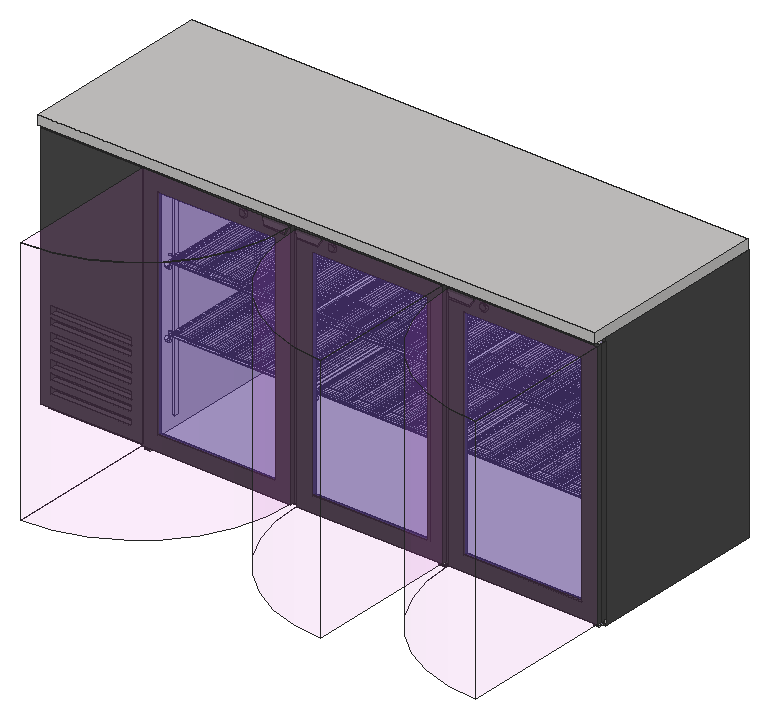
Revit family "QF_True_TBB24-72-3G-Z1-SFT-B-1_Glass_Swing_Door_Back_Bar", category Specialty Equipment, Revit 2021
Family settings
  Round Connector Dimension = Use Diameter
  Part Type = Normal
  Work Plane-Based = No
  Always vertical = Yes
  Cut with Voids When Loaded = No
  Shared = No
  Room Calculation Point = No
Parameters
  Weight in Pounds = 415
  Watts = Volts * FL Amps  # 368 W
  Volts = 115 V
  URL Cutsheet = ""
  Specification by User = ""
  Specification by Manufacturer = ""
  Show Seismic Flanged [instance] = yes
  Show Door Clearance [instance] = yes
  Show Default [instance] = if(or([Show 2" Casters], [Show 3" Casters]), or(or([Show 4" Casters], [Show 5" Casters], [Show 6" Legs]), and([Show 2" Casters], [Show 3" Casters]), and([Show 3" Casters], Show Seismic Flanged)), if(or([Show 4" Casters], [Show 5" Casters]), or(or([Show 6" Legs], Show Seismic Flanged), and([Show 4" Casters], [Show 5" Casters])), if([Show 6" Legs], Show Seismic Flanged, not(Show Seismic Flanged))))  # yes
  Show 6" Legs [instance] = yes
  Show 5" Casters [instance] = yes
  Show 4" Casters [instance] = yes
  Show 3" Casters [instance] = yes
  Show 2" Casters [instance] = yes
  Serial Number = ""
  Seismic Rating = ""
  SMACNA No = ""
  Revision Code = ""
  Phase = 1
  Number of Poles = 1
  NAFEM Spec ID Number = ""
  Model = "TBB24-72-3G-Z1-SFT-B-1"
  Min Ckt Ampacity = 0 A
  Max Overcurrent Protection = 0 A
  Masterspec = ""
  Manufacturer = "True"
  Length = 72 1/32"
  Item Number = ""
  Installed By = ""
  Identify Quantity as Lot = yes
  Height [instance] = Base Height + Body Height  # 34 23/32"
  HP = "1/4"
  Furnished By = ""
  Foodservice Equipment Identifier = yes
  FL Amps = 3.2 A
  Electrical Remarks = ""
  Electric Connection Type = ""
  Elec Conn RI Height = 0"
  Elec Conn Connection Height = 0"
  Door Finish [instance] = QF_Metallic_Paint_Black_Smooth
  Description = "Glass Swing Door Back Bar 24\" Depth Single Zone Cooler with Stainless Finished Top and Black Exterior"
  Depth = 25 11/32"
  Default Elevation = 0"
  Cycle = 60 Hz
  Counter Top Finish [instance] = QF_Metal_Stainless_Polished
  Conn Plug = "NEMA 5-15P"
  Conn Conduit = yes
  CSI MasterFormat = ""
  Body Height [instance] = 34 23/32"
  Body Finish [instance] = QF_Plastic - Black - Smooth
  Base Height [instance] = if(Show Default, 0", if([Show 2" Casters], 2", if([Show 3" Casters], 3", if([Show 4" Casters], 4", if([Show 5" Casters], 5", if([Show 6" Legs], 6", if(Show Seismic Flanged, 6", 0")))))))  # 0"
  Apparent Power = 0 VA
Reference planes (in)
  plane 1 "BACK": y = 0
  plane 2: z = 0
  plane 3 "LEFT": x = 0
  plane 4 "RIGHT": x = 72.03125
  plane 5 "FRONT": y = -25.34375
  plane 6 "TOP": z = 34.71875
  plane 7 "Center Y": x = 36.01563
  plane 8 "Center X": y = -12.67188
  plane 9: z = 0
Dimensions and locks (in)
  equal spacing: plane 3 "LEFT", plane 7 "Center Y", plane 4 "RIGHT"
  "Length": plane 3 "LEFT" to plane 4 "RIGHT"
  equal spacing: plane 5 "FRONT", plane 8 "Center X", plane 1 "BACK"
  "Depth": plane 5 "FRONT" to plane 1 "BACK"
  plane 6 "TOP" to level = 34 23/32"
  "Base Height": plane 9 to level
  "Body Height": plane 6 "TOP" to plane 9
  aligned and locked: level to plane 2
  aligned and locked: nested 1 to plane 9
Nested families (in)
  nested 1: "TBB24-72-3G-Z1-BST-B-1" at (0, 0, 0), Show Door Clearance <- "Show Door Clearance", Body Finish <- "Body Finish", Counter Top Finishes <- "Counter Top Finish", Door Finish <- "Door Finish", type "TBB24-72-3G-Z1-BST-B-1"
    with Show Door Clearance yes, Door Finish QF_Metallic_Paint_Black_Smooth, Counter Top Finishes QF_Metal_Stainless_Polished, Body Finish QF_Plastic - Black - Smooth
  nested 2: "Family3" at (2.5, -20.84523, 0), Show 2" Casters <- "Show 2" Casters", Show 3" Casters <- "Show 3" Casters", Show 4" Casters <- "Show 4" Casters", Show 5" Casters <- "Show 5" Casters", Show 6" Legs <- "Show 6" Legs", Show Seismic Flanged <- "Show Seismic Flanged", type "Family3"
    with Show Seismic Flanged yes, Show 6" Legs yes, Show 5" Casters yes, Show 4" Casters yes, Show 3" Casters yes, Show 2" Casters yes
  nested 3: "Family3" at (69.53125, -20.84523, 0), Show 2" Casters <- "Show 2" Casters", Show 3" Casters <- "Show 3" Casters", Show 4" Casters <- "Show 4" Casters", Show 5" Casters <- "Show 5" Casters", Show 6" Legs <- "Show 6" Legs", Show Seismic Flanged <- "Show Seismic Flanged", type "Family3"
    with Show Seismic Flanged yes, Show 6" Legs yes, Show 5" Casters yes, Show 4" Casters yes, Show 3" Casters yes, Show 2" Casters yes
  nested 4: "Family3" at (2.5, -3.09523, 0), Show 2" Casters <- "Show 2" Casters", Show 3" Casters <- "Show 3" Casters", Show 4" Casters <- "Show 4" Casters", Show 5" Casters <- "Show 5" Casters", Show 6" Legs <- "Show 6" Legs", Show Seismic Flanged <- "Show Seismic Flanged", type "Family3"
    with Show Seismic Flanged yes, Show 6" Legs yes, Show 5" Casters yes, Show 4" Casters yes, Show 3" Casters yes, Show 2" Casters yes
  nested 5: "Family3" at (69.53125, -3.09523, 0), Show 2" Casters <- "Show 2" Casters", Show 3" Casters <- "Show 3" Casters", Show 4" Casters <- "Show 4" Casters", Show 5" Casters <- "Show 5" Casters", Show 6" Legs <- "Show 6" Legs", Show Seismic Flanged <- "Show Seismic Flanged", type "Family3"
    with Show Seismic Flanged yes, Show 6" Legs yes, Show 5" Casters yes, Show 4" Casters yes, Show 3" Casters yes, Show 2" Casters yes
Connectors (in)
  electrical at (5.92159, 0.23047, 18.89834), driven by "Volts", driven by "Watts"
    settings: on nested 1, index 1, voltage 115 V, apparent load 368 VA, apparent load phase1 0 VA, apparent load phase2 0 VA, apparent load phase3 0 VA, power factor 1, load classification "Other", number of poles 1, system type 30, power factor state 1, is connector primary yes, connector utility no, sub classification motor no, connector description "ELECTRICAL CONNECTION"
Definition of nested family "TBB24-72-3G-Z1-BST-B-1"
  Parameters (values of type "TBB24-72-3G-Z1-BST-B-1")
    Weight in Pounds = 0
    URL Cutsheet = ""
    Specification by User = ""
    Specification by Manufacturer = ""
    Show Door Clearance [instance] = yes
    Serial Number = ""
    Seismic Rating = ""
    SMACNA No = ""
    Revision Code = ""
    NAFEM Spec ID Number = ""
    Masterspec = ""
    Length = 72 1/32"
    Item Number = ""
    Installed By = ""
    Identify Quantity as Lot = yes
    Height = 34 23/32"
    Furnished By = ""
    Foodservice Equipment Identifier = yes
    Door Finish [instance] = none
    Depth = 25 11/32"
    Default Elevation = 0"
    Counter Top Finishes [instance] = none
    CSI MasterFormat = ""
    Body Finish [instance] = none
  Reference planes (in)
    plane 1 "BACK": y = 0
    plane 2: z = 0
    plane 3 "LEFT": x = 0
    plane 4 "RIGHT": x = 72.03125
    plane 5 "FRONT": y = -25.34375
    plane 6 "TOP": z = 34.71875
    plane 7 "Center Y": x = 36.01563
    plane 8 "Center X": y = -12.67188
    plane 9: y = -44.09375
    plane 10: y = -24.875
    plane 11: z = 0.28263
    plane 12: x = 13.15625
    plane 13: x = 52.40625
    plane 14: y = -21.84523
    plane 15: y = -21.84523
    plane 16: y = -21.84523
    plane 17: y = -21.84523
    plane 18: y = -21.84523
    plane 19: y = -21.84523
    plane 20: y = -21.84523
    plane 21: y = -21.84523
    plane 22: y = -21.84523
    plane 23: y = -21.84523
    plane 24: y = -21.84523
    plane 25: y = -21.84523
    plane 26: y = -21.84523
    plane 27: y = -21.84523
    plane 28: y = -21.84523
    plane 29: y = -21.84523
    plane 30: y = -21.84523
    plane 31: y = -21.84523
    plane 32: y = -21.84523
    plane 33: y = -21.84523
    plane 34: y = -21.84523
    plane 35: y = -21.84523
    plane 36: y = -21.84523
    plane 37: y = -21.84523
    plane 38: y = -21.84523
    plane 39: y = -21.84523
    plane 40: y = -21.84523
    plane 41: y = -21.84523
    plane 42: y = -21.84523
    plane 43: y = -21.84523
    plane 44: y = -21.84523
    plane 45: y = -21.84523
    plane 46: y = -21.84523
    plane 47: y = -21.84523
    plane 48: y = -21.84523
    plane 49: y = -21.84523
    plane 50: y = -21.84523
    plane 51: y = -21.84523
    plane 52: y = -21.84523
    plane 53: y = -21.84523
    plane 54: y = -21.84523
    plane 55: y = -21.84523
    plane 56: y = -21.84523
    plane 57: y = -21.84523
    plane 58: y = -21.84523
    plane 59: y = -21.84523
    plane 60: y = -21.84523
    plane 61: y = -21.84523
    plane 62: y = -21.84523
    plane 63: y = -21.84523
    plane 64: y = -24.3696
  Forms (in)
    Extrusion 1, solid, material <- "Counter Top Finishes"
      sketch origin (0, 0, 0) x (1, 0, 0) y (0, 0, 1)
        loop
          line (0, 34.71875) -> (0, 33.46875) -> (72.03125, 33.46875) -> (72.03125, 34.71875) -> (0, 34.71875)
      from 0 to 24.875
    Extrusion 2, solid, material <- "Body Finish"
      sketch origin (0, 0, 0) x (0, 1, 0) y (0, 0, 1)
        loop
          line (0, 33.46875) -> (-23.09422, 33.46875) -> (-23.09422, 0) -> (0, 0) -> (0, 33.46875)
      from 0 to 72.03125
    Extrusion 3, solid, material <- "Body Finish"
      sketch origin (0, -23.09422, 33.46875) x (0, 0, -1) y (1, 0, 0)
        loop
          line (0.5625, 0) -> (32.48883, 0) -> (32.48883, 13.15625) -> (0.5625, 13.15625) -> (0.5625, 0)
      from 0 to 1.27538
    Extrusion 4, void
      sketch origin (0, -24.3696, 33.46875) x (0, 0, 1) y (1, 0, 0)
        loop
          line (-20.59422, 1.27626) -> (-20.59422, 11.8296) -> (-21.59422, 11.8296) -> (-21.59422, 1.27626) -> (-20.59422, 1.27626)
        loop
          line (-22.0483, 1.27626) -> (-22.0483, 11.8296) -> (-22.87544, 11.8296) -> (-22.87544, 1.27626) -> (-22.0483, 1.27626)
        loop
          line (-23.71922, 1.27626) -> (-23.71922, 11.8296) -> (-24.71922, 11.8296) -> (-24.71922, 1.27626) -> (-23.71922, 1.27626)
        loop
          line (-25.2983, 1.27626) -> (-25.2983, 11.8296) -> (-26.12544, 11.8296) -> (-26.12544, 1.27626) -> (-25.2983, 1.27626)
        loop
          line (-26.84422, 1.27626) -> (-26.84422, 11.8296) -> (-27.84422, 11.8296) -> (-27.84422, 1.27626) -> (-26.84422, 1.27626)
        loop
          line (-28.4233, 1.27626) -> (-28.4233, 11.8296) -> (-29.25044, 11.8296) -> (-29.25044, 1.27626) -> (-28.4233, 1.27626)
        loop
          line (-30.0483, 1.27626) -> (-30.0483, 11.8296) -> (-30.87544, 11.8296) -> (-30.87544, 1.27626) -> (-30.0483, 1.27626)
      from 0 to 0.83594
    Extrusion 5, solid, material <- "Body Finish"
      sketch origin (0, 0, 0) x (0, 0, 1) y (1, 0, 0)
        loop
          arc (20.62838, 11.27264) -> (20.40871, 11.80298) -> (19.87838, 12.02264) r 0.75
          line (19.87838, 12.02264) -> (1.3125, 12.02264)
          arc (1.3125, 12.02264) -> (0.78217, 11.80298) -> (0.5625, 11.27264) r 0.75
          line (0.5625, 11.27264) -> (0.5625, 0.75)
          arc (0.5625, 0.75) -> (0.78217, 0.21967) -> (1.3125, 0) r 0.75
          line (1.3125, 0) -> (19.87838, 0)
          arc (19.87838, 0) -> (20.40871, 0.21967) -> (20.62838, 0.75) r 0.75
          line (20.62838, 0.75) -> (20.62838, 5.19897) -> (21.06934, 5.19897)
          arc (21.06934, 5.19897) -> (21.81934, 5.94897) -> (21.06934, 6.69897) r 0.75
          line (21.06934, 6.69897) -> (20.62838, 6.69897) -> (20.62838, 11.27264)
      from 0 to 0.03125
    Extrusion 6, solid, material <- "Body Finish"
      sketch origin (0, 0.03125, 0) x (0, 0, 1) y (1, 0, 0)
        loop
          line (21.56934, 5.94897) -> (21.31934, 6.38198) -> (20.81934, 6.38198) -> (20.56934, 5.94897) -> (20.81934, 5.51596) -> (21.31934, 5.51596) -> (21.56934, 5.94897)
      from 0 to 0.19922
    Extrusion 7, solid, material <- "Body Finish"
      sketch origin (0, 0.03125, 0) x (0, 0, 1) y (1, 0, 0)
        loop
          circle (18.89834, 5.92159) r 0.5
      from 0 to 0.19922
    Extrusion 8, solid, material <- "Door Finish"
      sketch origin (0.80334, -23.09422, 33.46875) x (0, 0, -1) y (1, 0, 0)
        loop
          line (0.5625, 12.35291) -> (32.78125, 12.35291) -> (32.78125, 31.97791) -> (0.5625, 31.97791) -> (0.5625, 12.35291)
        loop
          line (31.78125, 13.35291) -> (31.78125, 30.97791) -> (1.5625, 30.97791) -> (1.5625, 13.35291) -> (31.78125, 13.35291)
      from 0 to 0.80663
    Extrusion 9, solid, material <- "Door Finish"
      sketch origin (40.05334, -23.09422, 33.46875) x (0, 0, -1) y (1, 0, 0)
        loop
          line (0.5625, 12.35496) -> (32.78125, 12.35496) -> (32.78125, 31.97791) -> (0.5625, 31.97791) -> (0.5625, 12.35496)
        loop
          line (31.78125, 13.79041) -> (31.78125, 30.97791) -> (1.5625, 30.97791) -> (1.5625, 13.79041) -> (31.78125, 13.79041)
      from 0 to 0.80663
    Extrusion 10, void
      sketch origin (0, -23.09422, 1.53125) x (1, 0, 0) y (0, -1, 0)
        loop
          line (14.13672, -18.75) -> (70.51172, -18.75) -> (70.51172, 0) -> (14.13672, 0) -> (14.13672, -18.75)
      from 0 to -30.84375
    Extrusion 11, solid, material <- "Door Finish"
      sketch origin (0.80334, -23.90085, 33.46875) x (0, 0, -1) y (1, 0, 0)
        loop
          line (0.5625, 12.35291) -> (32.78125, 12.35291) -> (32.78125, 31.60291) -> (0.5625, 31.60291) -> (0.5625, 12.35291)
        loop
          line (2.5625, 29.60291) -> (2.5625, 14.35291) -> (30.78125, 14.35291) -> (30.78125, 29.60291) -> (2.5625, 29.60291)
      from 0 to 0.46875
    Blend 12, solid, material <- "Door Finish"
      base sketch origin (0.80334, -24.3696, 33.46875) x (0, 0, -1) y (1, 0, 0)
        loop
          circle (1.15564, 25.41355) r 0.5
      top sketch origin (0.80334, -24.3696, 33.46875) x (0, 0, -1) y (1, 0, 0)
        loop
          circle (1.15564, 25.41355) r 0.39938
      from 0 to 0.12886
    Blend 13, solid, material <- "Door Finish"
      base sketch origin (83.50916, -24.3696, 33.46875) x (0, 0, -1) y (1, 0, 0)
        loop
          circle (1.15564, -26.16355) r 0.5
      top sketch origin (83.50916, -24.3696, 33.46875) x (0, 0, -1) y (1, 0, 0)
        loop
          circle (1.15564, -26.16355) r 0.39938
      from 0 to 0.12886
    Extrusion 14, solid
      sketch origin (-1.45011, -180, 0.28263) x (-1, 0, 0) y (0, -1, 0)
        loop
          line (-14.60636, -156.90578) -> (-14.60636, -156.03078)
          arc (-14.60636, -156.03078) -> (-14.64297, -155.9424) -> (-14.73136, -155.90578) r 0.125
          line (-14.73136, -155.90578) -> (-15.30008, -155.90578)
          arc (-15.30008, -155.90578) -> (-15.37178, -155.92839) -> (-15.41755, -155.98803) r 0.125
          line (-15.41755, -155.98803) -> (-15.69052, -156.73803)
          arc (-15.69052, -156.73803) -> (-15.67546, -156.85248) -> (-15.57306, -156.90578) r 0.125
          line (-15.57306, -156.90578) -> (-14.60636, -156.90578)
        loop
          line (-53.52038, -156.90578) -> (-52.55368, -156.90578)
          arc (-52.55368, -156.90578) -> (-52.45129, -156.85248) -> (-52.43622, -156.73803) r 0.125
          line (-52.43622, -156.73803) -> (-52.7092, -155.98803)
          arc (-52.7092, -155.98803) -> (-52.75496, -155.92839) -> (-52.82666, -155.90578) r 0.125
          line (-52.82666, -155.90578) -> (-53.39538, -155.90578)
          arc (-53.39538, -155.90578) -> (-53.48377, -155.9424) -> (-53.52038, -156.03078) r 0.125
          line (-53.52038, -156.03078) -> (-53.52038, -156.90578)
        loop
          line (-73.48136, -156.90578) -> (-72.51466, -156.90578)
          arc (-72.51466, -156.90578) -> (-72.41226, -156.85248) -> (-72.3972, -156.73803) r 0.125
          line (-72.3972, -156.73803) -> (-72.67017, -155.98803)
          arc (-72.67017, -155.98803) -> (-72.71594, -155.92839) -> (-72.78764, -155.90578) r 0.125
          line (-72.78764, -155.90578) -> (-73.35636, -155.90578)
          arc (-73.35636, -155.90578) -> (-73.44475, -155.9424) -> (-73.48136, -156.03078) r 0.125
          line (-73.48136, -156.03078) -> (-73.48136, -156.90578)
      from 0 to 0.07705
    Extrusion 15, solid
      sketch origin (0, -23.09422, 33.46875) x (0, 0, -1) y (1, 0, 0)
        loop
          line (33.18612, 13.15625) -> (33.18612, 14.24795) -> (32.78125, 14.24795) -> (32.78125, 13.15625) -> (33.18612, 13.15625)
        loop
          line (33.18612, 51.31455) -> (33.18612, 52.40625) -> (32.78125, 52.40625) -> (32.78125, 51.31455) -> (33.18612, 51.31455)
        loop
          line (33.18612, 70.93955) -> (33.18612, 72.03125) -> (32.78125, 72.03125) -> (32.78125, 70.93955) -> (33.18612, 70.93955)
      from 0 to 0.03214
    Extrusion 16, solid
      sketch origin (-1.45011, -180, 0.35968) x (-1, 0, 0) y (0, -1, 0)
        loop
          circle (-15.01572, -156.38971) r 0.25
        loop
          circle (-53.11102, -156.38971) r 0.25
        loop
          circle (-73.04647, -156.38971) r 0.25
      from 0 to 0.32782
    Extrusion 17, solid
      sketch origin (71.71875, 0, 33.46875) x (0, 1, 0) y (1, 0, 0)
        loop
          circle (-23.61029, -58.15314) r 0.25
        loop
          circle (-23.61029, -20.05784) r 0.25
        loop
          circle (-23.61029, -0.12239) r 0.25
      from 0 to 0.5625
    Extrusion 18, solid
      sketch origin (14.15625, -5.34422, 1.71962) x (0, 1, 0) y (0, 0, 1)
        loop
          line (-15.50101, 28.99913) -> (-15.50101, 1.46788) -> (-15.00101, 1.46788) -> (-15.00101, 28.99913) -> (-15.50101, 28.99913)
        loop
          line (-2.25101, 28.99913) -> (-2.25101, 1.46788) -> (-1.75101, 1.46788) -> (-1.75101, 28.99913) -> (-2.25101, 28.99913)
      from 0 to 0.38124
    Extrusion 19, solid
      sketch origin (14.15625, -4.34422, 1.71962) x (1, 0, 0) y (0, 0, 1)
        loop
          line (17.3189, 28.99913) -> (17.3189, 1.46788) -> (17.8189, 1.46788) -> (17.8189, 28.99913) -> (17.3189, 28.99913)
        loop
          line (1.3189, 28.99913) -> (1.3189, 1.46788) -> (1.8189, 1.46788) -> (1.8189, 28.99913) -> (1.3189, 28.99913)
        loop
          line (36.48437, 28.99913) -> (36.48437, 1.46788) -> (36.98437, 1.46788) -> (36.98437, 28.99913) -> (36.48437, 28.99913)
        loop
          line (19.9311, 28.99913) -> (19.4311, 28.99913) -> (19.4311, 1.46788) -> (19.9311, 1.46788) -> (19.9311, 28.99913)
        loop
          line (40.01563, 28.99913) -> (39.51563, 28.99913) -> (39.51563, 1.46788) -> (40.01563, 1.46788) -> (40.01563, 28.99913)
        loop
          line (55.01563, 28.99913) -> (54.51563, 28.99913) -> (54.51563, 1.46788) -> (55.01563, 1.46788) -> (55.01563, 28.99913)
      from 0 to 0.38281
    Sweep 20, solid
      path origin (-5.14658, -182.67731, 21.66353) x (-1, 0, 0) y (0, -1, 0)
        loop
          line (-19.93408, -160.83208) -> (-37.27783, -160.83208)
          arc (-37.27783, -160.83208) -> (-37.63138, -160.97853) -> (-37.77783, -161.33208) r 0.5
          line (-37.77783, -161.33208) -> (-37.77783, -177.20028)
          arc (-37.77783, -177.20028) -> (-37.63138, -177.55383) -> (-37.27783, -177.70028) r 0.5
          line (-37.27783, -177.70028) -> (-20.43408, -177.70028)
          arc (-20.43408, -177.70028) -> (-20.08052, -177.55383) -> (-19.93408, -177.20028) r 0.5
          line (-19.93408, -177.20028) -> (-19.93408, -160.33208)
          arc (-19.93408, -160.33208) -> (-20.08052, -159.97853) -> (-20.43408, -159.83208) r 0.5
          line (-20.43408, -159.83208) -> (-20.68408, -159.83208)
      profile origin (14.7875, -13.91113, 21.66353) x (1, 0, 0) y (0, 0, 1)
        loop
          circle (0, -0.10817) r 0.14183
    Extrusion 21, solid
      sketch origin (14.15625, -20.84523, 3.1875) x (0, 0, 1) y (-1, 0, 0)
        loop
          line (18.75728, -0.82407) -> (18.75728, -0.38124) -> (18.17613, -0.38124) -> (18.61896, -0.82407) -> (18.75728, -0.82407)
        loop
          line (18.75728, -55.5314) -> (18.61896, -55.5314) -> (18.17613, -55.97423) -> (18.75728, -55.97423) -> (18.75728, -55.5314)
      from 0 to -0.5
    Extrusion 22, solid
      sketch origin (14.15625, -7.59523, 3.1875) x (0, 0, 1) y (-1, 0, 0)
        loop
          line (18.75728, -0.82407) -> (18.75728, -0.38124) -> (18.17613, -0.38124) -> (18.61896, -0.82407) -> (18.75728, -0.82407)
        loop
          line (18.75728, -55.5314) -> (18.61896, -55.5314) -> (18.17613, -55.97423) -> (18.75728, -55.97423) -> (18.75728, -55.5314)
      from 0 to -0.5
    Extrusion 23, solid
      sketch origin (31.47515, -4.34422, 3.1875) x (0, 0, 1) y (0, 1, 0)
        loop
          line (18.75728, -0.82564) -> (18.75728, -0.38281) -> (18.17613, -0.38281) -> (18.61896, -0.82564) -> (18.75728, -0.82564)
      from 0 to -0.5
    Extrusion 24, solid
      sketch origin (15.47515, -4.34422, 3.1875) x (0, 0, 1) y (0, 1, 0)
        loop
          line (18.75728, -0.82564) -> (18.75728, -0.38281) -> (18.17613, -0.38281) -> (18.61896, -0.82564) -> (18.75728, -0.82564)
      from 0 to -0.5
    Extrusion 25, solid
      sketch origin (69.17188, -4.34422, 29.12947) x (0, 0, 1) y (0, -1, 0)
        loop
          line (-7.18469, 0.82564) -> (-7.32301, 0.82564) -> (-7.76583, 0.38281) -> (-7.18469, 0.38281) -> (-7.18469, 0.82564)
      from 0 to -0.5
    Extrusion 26, solid
      sketch origin (54.17188, -4.34422, 29.12947) x (0, 0, 1) y (0, -1, 0)
        loop
          line (-7.18469, 0.82564) -> (-7.32301, 0.82564) -> (-7.76583, 0.38281) -> (-7.18469, 0.38281) -> (-7.18469, 0.82564)
      from 0 to -0.5
    Extrusion 27, solid
      sketch origin (14.15625, -20.84523, -5.3125) x (0, 0, 1) y (-1, 0, 0)
        loop
          line (18.22603, -0.82407) -> (18.22603, -0.38124) -> (17.64488, -0.38124) -> (18.08771, -0.82407) -> (18.22603, -0.82407)
        loop
          line (18.22603, -55.5314) -> (18.08771, -55.5314) -> (17.64488, -55.97423) -> (18.22603, -55.97423) -> (18.22603, -55.5314)
      from 0 to -0.5
    Extrusion 28, solid
      sketch origin (14.15625, -7.59523, -5.3125) x (0, 0, 1) y (-1, 0, 0)
        loop
          line (18.22603, -0.82407) -> (18.22603, -0.38124) -> (17.64488, -0.38124) -> (18.08771, -0.82407) -> (18.22603, -0.82407)
        loop
          line (18.22603, -55.5314) -> (18.08771, -55.5314) -> (17.64488, -55.97423) -> (18.22603, -55.97423) -> (18.22603, -55.5314)
      from 0 to -0.5
    Extrusion 29, solid
      sketch origin (31.47515, -4.34422, -5.3125) x (0, 0, 1) y (0, 1, 0)
        loop
          line (18.22603, -0.82564) -> (18.22603, -0.38281) -> (17.64488, -0.38281) -> (18.08771, -0.82564) -> (18.22603, -0.82564)
      from 0 to -0.5
    Extrusion 30, solid
      sketch origin (15.47515, -4.34422, -5.3125) x (0, 0, 1) y (0, 1, 0)
        loop
          line (18.22603, -0.82564) -> (18.22603, -0.38281) -> (17.64488, -0.38281) -> (18.08771, -0.82564) -> (18.22603, -0.82564)
      from 0 to -0.5
    Extrusion 31, solid
      sketch origin (69.17188, -4.34422, 20.62947) x (0, 0, 1) y (0, -1, 0)
        loop
          line (-7.71594, 0.82564) -> (-7.85426, 0.82564) -> (-8.29708, 0.38281) -> (-7.71594, 0.38281) -> (-7.71594, 0.82564)
      from 0 to -0.5
    Extrusion 32, solid
      sketch origin (54.17188, -4.34422, 20.62947) x (0, 0, 1) y (0, -1, 0)
        loop
          line (-7.71594, 0.82564) -> (-7.85426, 0.82564) -> (-8.29708, 0.38281) -> (-7.71594, 0.38281) -> (-7.71594, 0.82564)
      from 0 to -0.5
    Sweep 33, solid
      path origin (-5.14658, -182.67731, 13.16353) x (-1, 0, 0) y (0, -1, 0)
        loop
          line (-19.93408, -160.83208) -> (-37.27783, -160.83208)
          arc (-37.27783, -160.83208) -> (-37.63138, -160.97853) -> (-37.77783, -161.33208) r 0.5
          line (-37.77783, -161.33208) -> (-37.77783, -177.20028)
          arc (-37.77783, -177.20028) -> (-37.63138, -177.55383) -> (-37.27783, -177.70028) r 0.5
          line (-37.27783, -177.70028) -> (-20.43408, -177.70028)
          arc (-20.43408, -177.70028) -> (-20.08052, -177.55383) -> (-19.93408, -177.20028) r 0.5
          line (-19.93408, -177.20028) -> (-19.93408, -160.33208)
          arc (-19.93408, -160.33208) -> (-20.08052, -159.97853) -> (-20.43408, -159.83208) r 0.5
          line (-20.43408, -159.83208) -> (-20.68408, -159.83208)
      profile origin (14.7875, -13.91113, 13.16353) x (1, 0, 0) y (0, 0, 1)
        loop
          circle (0, -0.10817) r 0.14183
    Extrusion 34, solid
      sketch origin (14.7875, -180.67756, 21.69719) x (0, 0, 1) y (0, -1, 0)
        loop
          circle (0.6482, -158.83233) r 0.05462
      from -0.25 to 17.83516
    Extrusion 35, solid
      sketch origin (14.7875, -180.67756, 13.19719) x (0, 0, 1) y (0, -1, 0)
        loop
          circle (0.11695, -158.83233) r 0.05462
      from -0.25 to 17.83516
    Extrusion 36, solid
      sketch origin (69.91954, -180.67756, 21.69719) x (0, 0, 1) y (0, 1, 0)
        loop
          circle (0.6482, 158.83233) r 0.05462
      from -0.21094 to 17.63204
    Extrusion 37, solid
      sketch origin (69.91954, -180.67756, 13.19719) x (0, 0, 1) y (0, 1, 0)
        loop
          circle (0.11695, 158.83233) r 0.05462
      from -0.21094 to 17.63204
    Extrusion 38, solid
      sketch origin (51.14062, -4.34422, 29.12947) x (0, 0, 1) y (0, -1, 0)
        loop
          line (-7.18469, 0.82564) -> (-7.32301, 0.82564) -> (-7.76583, 0.38281) -> (-7.18469, 0.38281) -> (-7.18469, 0.82564)
      from 0 to -0.5
    Extrusion 39, solid
      sketch origin (34.08735, -4.34422, 29.12947) x (0, 0, 1) y (0, -1, 0)
        loop
          line (-7.18469, 0.82564) -> (-7.32301, 0.82564) -> (-7.76583, 0.38281) -> (-7.18469, 0.38281) -> (-7.18469, 0.82564)
      from 0 to -0.5
    Extrusion 40, solid
      sketch origin (51.14062, -4.34422, 20.62947) x (0, 0, 1) y (0, -1, 0)
        loop
          line (-7.71594, 0.82564) -> (-7.85426, 0.82564) -> (-8.29708, 0.38281) -> (-7.71594, 0.38281) -> (-7.71594, 0.82564)
      from 0 to -0.5
    Extrusion 41, solid
      sketch origin (34.08735, -4.34422, 20.62947) x (0, 0, 1) y (0, -1, 0)
        loop
          line (-7.71594, 0.82564) -> (-7.85426, 0.82564) -> (-8.29708, 0.38281) -> (-7.71594, 0.38281) -> (-7.71594, 0.82564)
      from 0 to -0.5
    Sweep 42, solid
      path origin (13.60342, -182.67731, 21.66353) x (-1, 0, 0) y (0, -1, 0)
        loop
          line (-19.93408, -160.83208) -> (-37.27783, -160.83208)
          arc (-37.27783, -160.83208) -> (-37.63138, -160.97853) -> (-37.77783, -161.33208) r 0.5
          line (-37.77783, -161.33208) -> (-37.77783, -177.20028)
          arc (-37.77783, -177.20028) -> (-37.63138, -177.55383) -> (-37.27783, -177.70028) r 0.5
          line (-37.27783, -177.70028) -> (-20.43408, -177.70028)
          arc (-20.43408, -177.70028) -> (-20.08052, -177.55383) -> (-19.93408, -177.20028) r 0.5
          line (-19.93408, -177.20028) -> (-19.93408, -160.33208)
          arc (-19.93408, -160.33208) -> (-20.08052, -159.97853) -> (-20.43408, -159.83208) r 0.5
          line (-20.43408, -159.83208) -> (-20.93408, -159.83208)
      profile origin (33.5375, -13.91113, 21.66353) x (1, 0, 0) y (0, 0, 1)
        loop
          circle (0, -0.10817) r 0.14183
    Sweep 43, solid
      path origin (13.60342, -182.67731, 13.16353) x (-1, 0, 0) y (0, -1, 0)
        loop
          line (-19.93408, -160.83208) -> (-37.27783, -160.83208)
          arc (-37.27783, -160.83208) -> (-37.63138, -160.97853) -> (-37.77783, -161.33208) r 0.5
          line (-37.77783, -161.33208) -> (-37.77783, -177.20028)
          arc (-37.77783, -177.20028) -> (-37.63138, -177.55383) -> (-37.27783, -177.70028) r 0.5
          line (-37.27783, -177.70028) -> (-20.43408, -177.70028)
          arc (-20.43408, -177.70028) -> (-20.08052, -177.55383) -> (-19.93408, -177.20028) r 0.5
          line (-19.93408, -177.20028) -> (-19.93408, -160.33208)
          arc (-19.93408, -160.33208) -> (-20.08052, -159.97853) -> (-20.43408, -159.83208) r 0.5
          line (-20.43408, -159.83208) -> (-20.93408, -159.83208)
      profile origin (33.5375, -13.91113, 13.16353) x (1, 0, 0) y (0, 0, 1)
        loop
          circle (0, -0.10817) r 0.14183
    Sweep 44, solid
      path origin (32.35342, -182.67731, 21.66353) x (-1, 0, 0) y (0, -1, 0)
        loop
          line (-19.93408, -160.83208) -> (-37.27783, -160.83208)
          arc (-37.27783, -160.83208) -> (-37.63138, -160.97853) -> (-37.77783, -161.33208) r 0.5
          line (-37.77783, -161.33208) -> (-37.77783, -177.20028)
          arc (-37.77783, -177.20028) -> (-37.63138, -177.55383) -> (-37.27783, -177.70028) r 0.5
          line (-37.27783, -177.70028) -> (-20.43408, -177.70028)
          arc (-20.43408, -177.70028) -> (-20.08052, -177.55383) -> (-19.93408, -177.20028) r 0.5
          line (-19.93408, -177.20028) -> (-19.93408, -160.33208)
          arc (-19.93408, -160.33208) -> (-20.08052, -159.97853) -> (-20.43408, -159.83208) r 0.5
          line (-20.43408, -159.83208) -> (-20.68408, -159.83208)
      profile origin (52.2875, -13.91113, 21.66353) x (1, 0, 0) y (0, 0, 1)
        loop
          circle (0, -0.10817) r 0.14183
    Sweep 45, solid
      path origin (32.35342, -182.67731, 13.16353) x (-1, 0, 0) y (0, -1, 0)
        loop
          line (-19.93408, -160.83208) -> (-37.27783, -160.83208)
          arc (-37.27783, -160.83208) -> (-37.63138, -160.97853) -> (-37.77783, -161.33208) r 0.5
          line (-37.77783, -161.33208) -> (-37.77783, -177.20028)
          arc (-37.77783, -177.20028) -> (-37.63138, -177.55383) -> (-37.27783, -177.70028) r 0.5
          line (-37.27783, -177.70028) -> (-20.43408, -177.70028)
          arc (-20.43408, -177.70028) -> (-20.08052, -177.55383) -> (-19.93408, -177.20028) r 0.5
          line (-19.93408, -177.20028) -> (-19.93408, -160.33208)
          arc (-19.93408, -160.33208) -> (-20.08052, -159.97853) -> (-20.43408, -159.83208) r 0.5
          line (-20.43408, -159.83208) -> (-20.68408, -159.83208)
      profile origin (52.2875, -13.91113, 13.16353) x (1, 0, 0) y (0, 0, 1)
        loop
          circle (0, -0.10817) r 0.14183
    Extrusion 46, solid
      sketch origin (70.13048, -5.34422, 1.71962) x (0, 1, 0) y (0, 0, 1)
        loop
          line (-15.50101, 28.99913) -> (-15.50101, 1.46788) -> (-15.00101, 1.46788) -> (-15.00101, 28.99913) -> (-15.50101, 28.99913)
        loop
          line (-2.25101, 28.99913) -> (-2.25101, 1.46788) -> (-1.75101, 1.46788) -> (-1.75101, 28.99913) -> (-2.25101, 28.99913)
      from 0 to 0.38124
    Extrusion 47, solid
      sketch origin (33.7875, -180.67756, 21.69719) x (0, 0, 1) y (0, -1, 0)
        loop
          circle (0.6482, -158.83233) r 0.05462
      from -0.25 to 17.60313
    Extrusion 48, solid
      sketch origin (33.7875, -180.67756, 13.19719) x (0, 0, 1) y (0, -1, 0)
        loop
          circle (0.11695, -158.83233) r 0.05462
      from -0.25 to 17.59823
    Extrusion 49, solid
      sketch origin (0, 0, 0) x (1, 0, 0) y (0, 0, 1)
        loop
          circle (14.90115, 21.72801) r 0.03267
      from 4.97058 to 21.86282
    Extrusion 50, solid
      sketch origin (17.58335, 0, 0) x (1, 0, 0) y (0, 0, 1)
        loop
          circle (14.90115, 21.72801) r 0.03267
      from 4.97058 to 21.86282
    Extrusion 51, solid
      sketch origin (0.35884, 0, 0) x (1, 0, 0) y (0, 0, 1)
        loop
          circle (14.90115, 21.72801) r 0.03267
      from 4.97058 to 21.86282
    Extrusion 52, solid
      sketch origin (0.71769, 0, 0) x (1, 0, 0) y (0, 0, 1)
        loop
          circle (14.90115, 21.72801) r 0.03267
      from 4.97058 to 21.86282
    Extrusion 53, solid
      sketch origin (1.07653, 0, 0) x (1, 0, 0) y (0, 0, 1)
        loop
          circle (14.90115, 21.72801) r 0.03267
      from 4.97058 to 21.86282
    Extrusion 54, solid
      sketch origin (1.43538, 0, 0) x (1, 0, 0) y (0, 0, 1)
        loop
          circle (14.90115, 21.72801) r 0.03267
      from 4.97058 to 21.86282
    Extrusion 55, solid
      sketch origin (1.79422, 0, 0) x (1, 0, 0) y (0, 0, 1)
        loop
          circle (14.90115, 21.72801) r 0.03267
      from 4.97058 to 21.86282
    Extrusion 56, solid
      sketch origin (2.15306, 0, 0) x (1, 0, 0) y (0, 0, 1)
        loop
          circle (14.90115, 21.72801) r 0.03267
      from 4.97058 to 21.86282
    Extrusion 57, solid
      sketch origin (2.51191, 0, 0) x (1, 0, 0) y (0, 0, 1)
        loop
          circle (14.90115, 21.72801) r 0.03267
      from 4.97058 to 21.86282
    Extrusion 58, solid
      sketch origin (2.87075, 0, 0) x (1, 0, 0) y (0, 0, 1)
        loop
          circle (14.90115, 21.72801) r 0.03267
      from 4.97058 to 21.86282
    Extrusion 59, solid
      sketch origin (3.22959, 0, 0) x (1, 0, 0) y (0, 0, 1)
        loop
          circle (14.90115, 21.72801) r 0.03267
      from 4.97058 to 21.86282
    Extrusion 60, solid
      sketch origin (3.58844, 0, 0) x (1, 0, 0) y (0, 0, 1)
        loop
          circle (14.90115, 21.72801) r 0.03267
      from 4.97058 to 21.86282
    Extrusion 61, solid
      sketch origin (3.94728, 0, 0) x (1, 0, 0) y (0, 0, 1)
        loop
          circle (14.90115, 21.72801) r 0.03267
      from 4.97058 to 21.86282
    Extrusion 62, solid
      sketch origin (4.30613, 0, 0) x (1, 0, 0) y (0, 0, 1)
        loop
          circle (14.90115, 21.72801) r 0.03267
      from 4.97058 to 21.86282
    Extrusion 63, solid
      sketch origin (4.66497, 0, 0) x (1, 0, 0) y (0, 0, 1)
        loop
          circle (14.90115, 21.72801) r 0.03267
      from 4.97058 to 21.86282
    Extrusion 64, solid
      sketch origin (5.02381, 0, 0) x (1, 0, 0) y (0, 0, 1)
        loop
          circle (14.90115, 21.72801) r 0.03267
      from 4.97058 to 21.86282
    Extrusion 65, solid
      sketch origin (5.38266, 0, 0) x (1, 0, 0) y (0, 0, 1)
        loop
          circle (14.90115, 21.72801) r 0.03267
      from 4.97058 to 21.86282
    Extrusion 66, solid
      sketch origin (5.7415, 0, 0) x (1, 0, 0) y (0, 0, 1)
        loop
          circle (14.90115, 21.72801) r 0.03267
      from 4.97058 to 21.86282
    Extrusion 67, solid
      sketch origin (6.10035, 0, 0) x (1, 0, 0) y (0, 0, 1)
        loop
          circle (14.90115, 21.72801) r 0.03267
      from 4.97058 to 21.86282
    Extrusion 68, solid
      sketch origin (6.45919, 0, 0) x (1, 0, 0) y (0, 0, 1)
        loop
          circle (14.90115, 21.72801) r 0.03267
      from 4.97058 to 21.86282
    Extrusion 69, solid
      sketch origin (6.81803, 0, 0) x (1, 0, 0) y (0, 0, 1)
        loop
          circle (14.90115, 21.72801) r 0.03267
      from 4.97058 to 21.86282
    Extrusion 70, solid
      sketch origin (7.17688, 0, 0) x (1, 0, 0) y (0, 0, 1)
        loop
          circle (14.90115, 21.72801) r 0.03267
      from 4.97058 to 21.86282
    Extrusion 71, solid
      sketch origin (7.53572, 0, 0) x (1, 0, 0) y (0, 0, 1)
        loop
          circle (14.90115, 21.72801) r 0.03267
      from 4.97058 to 21.86282
    Extrusion 72, solid
      sketch origin (7.89456, 0, 0) x (1, 0, 0) y (0, 0, 1)
        loop
          circle (14.90115, 21.72801) r 0.03267
      from 4.97058 to 21.86282
    Extrusion 73, solid
      sketch origin (8.25341, 0, 0) x (1, 0, 0) y (0, 0, 1)
        loop
          circle (14.90115, 21.72801) r 0.03267
      from 4.97058 to 21.86282
    Extrusion 74, solid
      sketch origin (8.61225, 0, 0) x (1, 0, 0) y (0, 0, 1)
        loop
          circle (14.90115, 21.72801) r 0.03267
      from 4.97058 to 21.86282
    Extrusion 75, solid
      sketch origin (8.9711, 0, 0) x (1, 0, 0) y (0, 0, 1)
        loop
          circle (14.90115, 21.72801) r 0.03267
      from 4.97058 to 21.86282
    Extrusion 76, solid
      sketch origin (9.32994, 0, 0) x (1, 0, 0) y (0, 0, 1)
        loop
          circle (14.90115, 21.72801) r 0.03267
      from 4.97058 to 21.86282
    Extrusion 77, solid
      sketch origin (9.68878, 0, 0) x (1, 0, 0) y (0, 0, 1)
        loop
          circle (14.90115, 21.72801) r 0.03267
      from 4.97058 to 21.86282
    Extrusion 78, solid
      sketch origin (10.04763, 0, 0) x (1, 0, 0) y (0, 0, 1)
        loop
          circle (14.90115, 21.72801) r 0.03267
      from 4.97058 to 21.86282
    Extrusion 79, solid
      sketch origin (10.40647, 0, 0) x (1, 0, 0) y (0, 0, 1)
        loop
          circle (14.90115, 21.72801) r 0.03267
      from 4.97058 to 21.86282
    Extrusion 80, solid
      sketch origin (10.76531, 0, 0) x (1, 0, 0) y (0, 0, 1)
        loop
          circle (14.90115, 21.72801) r 0.03267
      from 4.97058 to 21.86282
    Extrusion 81, solid
      sketch origin (11.12416, 0, 0) x (1, 0, 0) y (0, 0, 1)
        loop
          circle (14.90115, 21.72801) r 0.03267
      from 4.97058 to 21.86282
    Extrusion 82, solid
      sketch origin (11.483, 0, 0) x (1, 0, 0) y (0, 0, 1)
        loop
          circle (14.90115, 21.72801) r 0.03267
      from 4.97058 to 21.86282
    Extrusion 83, solid
      sketch origin (11.84185, 0, 0) x (1, 0, 0) y (0, 0, 1)
        loop
          circle (14.90115, 21.72801) r 0.03267
      from 4.97058 to 21.86282
    Extrusion 84, solid
      sketch origin (12.20069, 0, 0) x (1, 0, 0) y (0, 0, 1)
        loop
          circle (14.90115, 21.72801) r 0.03267
      from 4.97058 to 21.86282
    Extrusion 85, solid
      sketch origin (12.55953, 0, 0) x (1, 0, 0) y (0, 0, 1)
        loop
          circle (14.90115, 21.72801) r 0.03267
      from 4.97058 to 21.86282
    Extrusion 86, solid
      sketch origin (12.91838, 0, 0) x (1, 0, 0) y (0, 0, 1)
        loop
          circle (14.90115, 21.72801) r 0.03267
      from 4.97058 to 21.86282
    Extrusion 87, solid
      sketch origin (13.27722, 0, 0) x (1, 0, 0) y (0, 0, 1)
        loop
          circle (14.90115, 21.72801) r 0.03267
      from 4.97058 to 21.86282
    Extrusion 88, solid
      sketch origin (13.63607, 0, 0) x (1, 0, 0) y (0, 0, 1)
        loop
          circle (14.90115, 21.72801) r 0.03267
      from 4.97058 to 21.86282
    Extrusion 89, solid
      sketch origin (13.99491, 0, 0) x (1, 0, 0) y (0, 0, 1)
        loop
          circle (14.90115, 21.72801) r 0.03267
      from 4.97058 to 21.86282
    Extrusion 90, solid
      sketch origin (14.35375, 0, 0) x (1, 0, 0) y (0, 0, 1)
        loop
          circle (14.90115, 21.72801) r 0.03267
      from 4.97058 to 21.86282
    Extrusion 91, solid
      sketch origin (14.7126, 0, 0) x (1, 0, 0) y (0, 0, 1)
        loop
          circle (14.90115, 21.72801) r 0.03267
      from 4.97058 to 21.86282
    Extrusion 92, solid
      sketch origin (15.07144, 0, 0) x (1, 0, 0) y (0, 0, 1)
        loop
          circle (14.90115, 21.72801) r 0.03267
      from 4.97058 to 21.86282
    Extrusion 93, solid
      sketch origin (15.43028, 0, 0) x (1, 0, 0) y (0, 0, 1)
        loop
          circle (14.90115, 21.72801) r 0.03267
      from 4.97058 to 21.86282
    Extrusion 94, solid
      sketch origin (15.78913, 0, 0) x (1, 0, 0) y (0, 0, 1)
        loop
          circle (14.90115, 21.72801) r 0.03267
      from 4.97058 to 21.86282
    Extrusion 95, solid
      sketch origin (16.14797, 0, 0) x (1, 0, 0) y (0, 0, 1)
        loop
          circle (14.90115, 21.72801) r 0.03267
      from 4.97058 to 21.86282
    Extrusion 96, solid
      sketch origin (16.50682, 0, 0) x (1, 0, 0) y (0, 0, 1)
        loop
          circle (14.90115, 21.72801) r 0.03267
      from 4.97058 to 21.86282
    Extrusion 97, solid
      sketch origin (16.86566, 0, 0) x (1, 0, 0) y (0, 0, 1)
        loop
          circle (14.90115, 21.72801) r 0.03267
      from 4.97058 to 21.86282
    Extrusion 98, solid
      sketch origin (17.2245, 0, 0) x (1, 0, 0) y (0, 0, 1)
        loop
          circle (14.90115, 21.72801) r 0.03267
      from 4.97058 to 21.86282
    Extrusion 99, solid
      sketch origin (0, 0, -8.5) x (1, 0, 0) y (0, 0, 1)
        loop
          circle (14.90115, 21.72801) r 0.03267
      from 4.97058 to 21.84523
    Extrusion 100, solid
      sketch origin (17.58335, 0, -8.5) x (1, 0, 0) y (0, 0, 1)
        loop
          circle (14.90115, 21.72801) r 0.03267
      from 4.97058 to 21.84523
    Extrusion 101, solid
      sketch origin (0.35884, 0, -8.5) x (1, 0, 0) y (0, 0, 1)
        loop
          circle (14.90115, 21.72801) r 0.03267
      from 4.97058 to 21.84523
    Extrusion 102, solid
      sketch origin (0.71769, 0, -8.5) x (1, 0, 0) y (0, 0, 1)
        loop
          circle (14.90115, 21.72801) r 0.03267
      from 4.97058 to 21.84523
    Extrusion 103, solid
      sketch origin (1.07653, 0, -8.5) x (1, 0, 0) y (0, 0, 1)
        loop
          circle (14.90115, 21.72801) r 0.03267
      from 4.97058 to 21.84523
    Extrusion 104, solid
      sketch origin (1.43538, 0, -8.5) x (1, 0, 0) y (0, 0, 1)
        loop
          circle (14.90115, 21.72801) r 0.03267
      from 4.97058 to 21.84523
    Extrusion 105, solid
      sketch origin (1.79422, 0, -8.5) x (1, 0, 0) y (0, 0, 1)
        loop
          circle (14.90115, 21.72801) r 0.03267
      from 4.97058 to 21.84523
    Extrusion 106, solid
      sketch origin (2.15306, 0, -8.5) x (1, 0, 0) y (0, 0, 1)
        loop
          circle (14.90115, 21.72801) r 0.03267
      from 4.97058 to 21.84523
    Extrusion 107, solid
      sketch origin (2.51191, 0, -8.5) x (1, 0, 0) y (0, 0, 1)
        loop
          circle (14.90115, 21.72801) r 0.03267
      from 4.97058 to 21.84523
    Extrusion 108, solid
      sketch origin (2.87075, 0, -8.5) x (1, 0, 0) y (0, 0, 1)
        loop
          circle (14.90115, 21.72801) r 0.03267
      from 4.97058 to 21.84523
    Extrusion 109, solid
      sketch origin (3.22959, 0, -8.5) x (1, 0, 0) y (0, 0, 1)
        loop
          circle (14.90115, 21.72801) r 0.03267
      from 4.97058 to 21.84523
    Extrusion 110, solid
      sketch origin (3.58844, 0, -8.5) x (1, 0, 0) y (0, 0, 1)
        loop
          circle (14.90115, 21.72801) r 0.03267
      from 4.97058 to 21.84523
    Extrusion 111, solid
      sketch origin (3.94728, 0, -8.5) x (1, 0, 0) y (0, 0, 1)
        loop
          circle (14.90115, 21.72801) r 0.03267
      from 4.97058 to 21.84523
    Extrusion 112, solid
      sketch origin (4.30613, 0, -8.5) x (1, 0, 0) y (0, 0, 1)
        loop
          circle (14.90115, 21.72801) r 0.03267
      from 4.97058 to 21.84523
    Extrusion 113, solid
      sketch origin (4.66497, 0, -8.5) x (1, 0, 0) y (0, 0, 1)
        loop
          circle (14.90115, 21.72801) r 0.03267
      from 4.97058 to 21.84523
    Extrusion 114, solid
      sketch origin (5.02381, 0, -8.5) x (1, 0, 0) y (0, 0, 1)
        loop
          circle (14.90115, 21.72801) r 0.03267
      from 4.97058 to 21.84523
    Extrusion 115, solid
      sketch origin (5.38266, 0, -8.5) x (1, 0, 0) y (0, 0, 1)
        loop
          circle (14.90115, 21.72801) r 0.03267
      from 4.97058 to 21.84523
    Extrusion 116, solid
      sketch origin (5.7415, 0, -8.5) x (1, 0, 0) y (0, 0, 1)
        loop
          circle (14.90115, 21.72801) r 0.03267
      from 4.97058 to 21.84523
    Extrusion 117, solid
      sketch origin (6.10035, 0, -8.5) x (1, 0, 0) y (0, 0, 1)
        loop
          circle (14.90115, 21.72801) r 0.03267
      from 4.97058 to 21.84523
    Extrusion 118, solid
      sketch origin (6.45919, 0, -8.5) x (1, 0, 0) y (0, 0, 1)
        loop
          circle (14.90115, 21.72801) r 0.03267
      from 4.97058 to 21.84523
    Extrusion 119, solid
      sketch origin (6.81803, 0, -8.5) x (1, 0, 0) y (0, 0, 1)
        loop
          circle (14.90115, 21.72801) r 0.03267
      from 4.97058 to 21.84523
    Extrusion 120, solid
      sketch origin (7.17688, 0, -8.5) x (1, 0, 0) y (0, 0, 1)
        loop
          circle (14.90115, 21.72801) r 0.03267
      from 4.97058 to 21.84523
    Extrusion 121, solid
      sketch origin (7.53572, 0, -8.5) x (1, 0, 0) y (0, 0, 1)
        loop
          circle (14.90115, 21.72801) r 0.03267
      from 4.97058 to 21.84523
    Extrusion 122, solid
      sketch origin (7.89456, 0, -8.5) x (1, 0, 0) y (0, 0, 1)
        loop
          circle (14.90115, 21.72801) r 0.03267
      from 4.97058 to 21.84523
    Extrusion 123, solid
      sketch origin (8.25341, 0, -8.5) x (1, 0, 0) y (0, 0, 1)
        loop
          circle (14.90115, 21.72801) r 0.03267
      from 4.97058 to 21.84523
    Extrusion 124, solid
      sketch origin (8.61225, 0, -8.5) x (1, 0, 0) y (0, 0, 1)
        loop
          circle (14.90115, 21.72801) r 0.03267
      from 4.97058 to 21.84523
    Extrusion 125, solid
      sketch origin (8.9711, 0, -8.5) x (1, 0, 0) y (0, 0, 1)
        loop
          circle (14.90115, 21.72801) r 0.03267
      from 4.97058 to 21.84523
    Extrusion 126, solid
      sketch origin (9.32994, 0, -8.5) x (1, 0, 0) y (0, 0, 1)
        loop
          circle (14.90115, 21.72801) r 0.03267
      from 4.97058 to 21.84523
    Extrusion 127, solid
      sketch origin (9.68878, 0, -8.5) x (1, 0, 0) y (0, 0, 1)
        loop
          circle (14.90115, 21.72801) r 0.03267
      from 4.97058 to 21.84523
    Extrusion 128, solid
      sketch origin (10.04763, 0, -8.5) x (1, 0, 0) y (0, 0, 1)
        loop
          circle (14.90115, 21.72801) r 0.03267
      from 4.97058 to 21.84523
    Extrusion 129, solid
      sketch origin (10.40647, 0, -8.5) x (1, 0, 0) y (0, 0, 1)
        loop
          circle (14.90115, 21.72801) r 0.03267
      from 4.97058 to 21.84523
    Extrusion 130, solid
      sketch origin (10.76531, 0, -8.5) x (1, 0, 0) y (0, 0, 1)
        loop
          circle (14.90115, 21.72801) r 0.03267
      from 4.97058 to 21.84523
    Extrusion 131, solid
      sketch origin (11.12416, 0, -8.5) x (1, 0, 0) y (0, 0, 1)
        loop
          circle (14.90115, 21.72801) r 0.03267
      from 4.97058 to 21.84523
    Extrusion 132, solid
      sketch origin (11.483, 0, -8.5) x (1, 0, 0) y (0, 0, 1)
        loop
          circle (14.90115, 21.72801) r 0.03267
      from 4.97058 to 21.84523
    Extrusion 133, solid
      sketch origin (11.84185, 0, -8.5) x (1, 0, 0) y (0, 0, 1)
        loop
          circle (14.90115, 21.72801) r 0.03267
      from 4.97058 to 21.84523
    Extrusion 134, solid
      sketch origin (12.20069, 0, -8.5) x (1, 0, 0) y (0, 0, 1)
        loop
          circle (14.90115, 21.72801) r 0.03267
      from 4.97058 to 21.84523
    Extrusion 135, solid
      sketch origin (12.55953, 0, -8.5) x (1, 0, 0) y (0, 0, 1)
        loop
          circle (14.90115, 21.72801) r 0.03267
      from 4.97058 to 21.84523
    Extrusion 136, solid
      sketch origin (12.91838, 0, -8.5) x (1, 0, 0) y (0, 0, 1)
        loop
          circle (14.90115, 21.72801) r 0.03267
      from 4.97058 to 21.84523
    Extrusion 137, solid
      sketch origin (13.27722, 0, -8.5) x (1, 0, 0) y (0, 0, 1)
        loop
          circle (14.90115, 21.72801) r 0.03267
      from 4.97058 to 21.84523
    Extrusion 138, solid
      sketch origin (13.63607, 0, -8.5) x (1, 0, 0) y (0, 0, 1)
        loop
          circle (14.90115, 21.72801) r 0.03267
      from 4.97058 to 21.84523
    Extrusion 139, solid
      sketch origin (13.99491, 0, -8.5) x (1, 0, 0) y (0, 0, 1)
        loop
          circle (14.90115, 21.72801) r 0.03267
      from 4.97058 to 21.84523
    Extrusion 140, solid
      sketch origin (14.35375, 0, -8.5) x (1, 0, 0) y (0, 0, 1)
        loop
          circle (14.90115, 21.72801) r 0.03267
      from 4.97058 to 21.84523
    Extrusion 141, solid
      sketch origin (14.7126, 0, -8.5) x (1, 0, 0) y (0, 0, 1)
        loop
          circle (14.90115, 21.72801) r 0.03267
      from 4.97058 to 21.84523
    Extrusion 142, solid
      sketch origin (15.07144, 0, -8.5) x (1, 0, 0) y (0, 0, 1)
        loop
          circle (14.90115, 21.72801) r 0.03267
      from 4.97058 to 21.84523
    Extrusion 143, solid
      sketch origin (15.43028, 0, -8.5) x (1, 0, 0) y (0, 0, 1)
        loop
          circle (14.90115, 21.72801) r 0.03267
      from 4.97058 to 21.84523
    Extrusion 144, solid
      sketch origin (15.78913, 0, -8.5) x (1, 0, 0) y (0, 0, 1)
        loop
          circle (14.90115, 21.72801) r 0.03267
      from 4.97058 to 21.84523
    Extrusion 145, solid
      sketch origin (16.14797, 0, -8.5) x (1, 0, 0) y (0, 0, 1)
        loop
          circle (14.90115, 21.72801) r 0.03267
      from 4.97058 to 21.84523
    Extrusion 146, solid
      sketch origin (16.50682, 0, -8.5) x (1, 0, 0) y (0, 0, 1)
        loop
          circle (14.90115, 21.72801) r 0.03267
      from 4.97058 to 21.84523
    Extrusion 147, solid
      sketch origin (16.86566, 0, -8.5) x (1, 0, 0) y (0, 0, 1)
        loop
          circle (14.90115, 21.72801) r 0.03267
      from 4.97058 to 21.84523
    Extrusion 148, solid
      sketch origin (17.2245, 0, -8.5) x (1, 0, 0) y (0, 0, 1)
        loop
          circle (14.90115, 21.72801) r 0.03267
      from 4.97058 to 21.84523
    Extrusion 149, solid
      sketch origin (18.75, 0, -8.5) x (1, 0, 0) y (0, 0, 1)
        loop
          circle (14.90115, 21.72801) r 0.03267
      from 4.97058 to 21.84523
    Extrusion 150, solid
      sketch origin (36.33335, 0, -8.5) x (1, 0, 0) y (0, 0, 1)
        loop
          circle (14.90115, 21.72801) r 0.03267
      from 4.97058 to 21.84523
    Extrusion 151, solid
      sketch origin (19.10884, 0, -8.5) x (1, 0, 0) y (0, 0, 1)
        loop
          circle (14.90115, 21.72801) r 0.03267
      from 4.97058 to 21.84523
    Extrusion 152, solid
      sketch origin (19.46769, 0, -8.5) x (1, 0, 0) y (0, 0, 1)
        loop
          circle (14.90115, 21.72801) r 0.03267
      from 4.97058 to 21.84523
    Extrusion 153, solid
      sketch origin (19.82653, 0, -8.5) x (1, 0, 0) y (0, 0, 1)
        loop
          circle (14.90115, 21.72801) r 0.03267
      from 4.97058 to 21.84523
    Extrusion 154, solid
      sketch origin (20.18538, 0, -8.5) x (1, 0, 0) y (0, 0, 1)
        loop
          circle (14.90115, 21.72801) r 0.03267
      from 4.97058 to 21.84523
    Extrusion 155, solid
      sketch origin (20.54422, 0, -8.5) x (1, 0, 0) y (0, 0, 1)
        loop
          circle (14.90115, 21.72801) r 0.03267
      from 4.97058 to 21.84523
    Extrusion 156, solid
      sketch origin (20.90306, 0, -8.5) x (1, 0, 0) y (0, 0, 1)
        loop
          circle (14.90115, 21.72801) r 0.03267
      from 4.97058 to 21.84523
    Extrusion 157, solid
      sketch origin (21.26191, 0, -8.5) x (1, 0, 0) y (0, 0, 1)
        loop
          circle (14.90115, 21.72801) r 0.03267
      from 4.97058 to 21.84523
    Extrusion 158, solid
      sketch origin (21.62075, 0, -8.5) x (1, 0, 0) y (0, 0, 1)
        loop
          circle (14.90115, 21.72801) r 0.03267
      from 4.97058 to 21.84523
    Extrusion 159, solid
      sketch origin (21.97959, 0, -8.5) x (1, 0, 0) y (0, 0, 1)
        loop
          circle (14.90115, 21.72801) r 0.03267
      from 4.97058 to 21.84523
    Extrusion 160, solid
      sketch origin (22.33844, 0, -8.5) x (1, 0, 0) y (0, 0, 1)
        loop
          circle (14.90115, 21.72801) r 0.03267
      from 4.97058 to 21.84523
    Extrusion 161, solid
      sketch origin (22.69728, 0, -8.5) x (1, 0, 0) y (0, 0, 1)
        loop
          circle (14.90115, 21.72801) r 0.03267
      from 4.97058 to 21.84523
    Extrusion 162, solid
      sketch origin (23.05613, 0, -8.5) x (1, 0, 0) y (0, 0, 1)
        loop
          circle (14.90115, 21.72801) r 0.03267
      from 4.97058 to 21.84523
    Extrusion 163, solid
      sketch origin (23.41497, 0, -8.5) x (1, 0, 0) y (0, 0, 1)
        loop
          circle (14.90115, 21.72801) r 0.03267
      from 4.97058 to 21.84523
    Extrusion 164, solid
      sketch origin (23.77381, 0, -8.5) x (1, 0, 0) y (0, 0, 1)
        loop
          circle (14.90115, 21.72801) r 0.03267
      from 4.97058 to 21.84523
    Extrusion 165, solid
      sketch origin (24.13266, 0, -8.5) x (1, 0, 0) y (0, 0, 1)
        loop
          circle (14.90115, 21.72801) r 0.03267
      from 4.97058 to 21.84523
    Extrusion 166, solid
      sketch origin (24.4915, 0, -8.5) x (1, 0, 0) y (0, 0, 1)
        loop
          circle (14.90115, 21.72801) r 0.03267
      from 4.97058 to 21.84523
    Extrusion 167, solid
      sketch origin (24.85035, 0, -8.5) x (1, 0, 0) y (0, 0, 1)
        loop
          circle (14.90115, 21.72801) r 0.03267
      from 4.97058 to 21.84523
    Extrusion 168, solid
      sketch origin (25.20919, 0, -8.5) x (1, 0, 0) y (0, 0, 1)
        loop
          circle (14.90115, 21.72801) r 0.03267
      from 4.97058 to 21.84523
    Extrusion 169, solid
      sketch origin (25.56803, 0, -8.5) x (1, 0, 0) y (0, 0, 1)
        loop
          circle (14.90115, 21.72801) r 0.03267
      from 4.97058 to 21.84523
    Extrusion 170, solid
      sketch origin (25.92688, 0, -8.5) x (1, 0, 0) y (0, 0, 1)
        loop
          circle (14.90115, 21.72801) r 0.03267
      from 4.97058 to 21.84523
    Extrusion 171, solid
      sketch origin (26.28572, 0, -8.5) x (1, 0, 0) y (0, 0, 1)
        loop
          circle (14.90115, 21.72801) r 0.03267
      from 4.97058 to 21.84523
    Extrusion 172, solid
      sketch origin (26.64456, 0, -8.5) x (1, 0, 0) y (0, 0, 1)
        loop
          circle (14.90115, 21.72801) r 0.03267
      from 4.97058 to 21.84523
    Extrusion 173, solid
      sketch origin (27.00341, 0, -8.5) x (1, 0, 0) y (0, 0, 1)
        loop
          circle (14.90115, 21.72801) r 0.03267
      from 4.97058 to 21.84523
    Extrusion 174, solid
      sketch origin (27.36225, 0, -8.5) x (1, 0, 0) y (0, 0, 1)
        loop
          circle (14.90115, 21.72801) r 0.03267
      from 4.97058 to 21.84523
    Extrusion 175, solid
      sketch origin (27.7211, 0, -8.5) x (1, 0, 0) y (0, 0, 1)
        loop
          circle (14.90115, 21.72801) r 0.03267
      from 4.97058 to 21.84523
    Extrusion 176, solid
      sketch origin (28.07994, 0, -8.5) x (1, 0, 0) y (0, 0, 1)
        loop
          circle (14.90115, 21.72801) r 0.03267
      from 4.97058 to 21.84523
    Extrusion 177, solid
      sketch origin (28.43878, 0, -8.5) x (1, 0, 0) y (0, 0, 1)
        loop
          circle (14.90115, 21.72801) r 0.03267
      from 4.97058 to 21.84523
    Extrusion 178, solid
      sketch origin (28.79763, 0, -8.5) x (1, 0, 0) y (0, 0, 1)
        loop
          circle (14.90115, 21.72801) r 0.03267
      from 4.97058 to 21.84523
    Extrusion 179, solid
      sketch origin (29.15647, 0, -8.5) x (1, 0, 0) y (0, 0, 1)
        loop
          circle (14.90115, 21.72801) r 0.03267
      from 4.97058 to 21.84523
    Extrusion 180, solid
      sketch origin (29.51531, 0, -8.5) x (1, 0, 0) y (0, 0, 1)
        loop
          circle (14.90115, 21.72801) r 0.03267
      from 4.97058 to 21.84523
    Extrusion 181, solid
      sketch origin (29.87416, 0, -8.5) x (1, 0, 0) y (0, 0, 1)
        loop
          circle (14.90115, 21.72801) r 0.03267
      from 4.97058 to 21.84523
    Extrusion 182, solid
      sketch origin (30.233, 0, -8.5) x (1, 0, 0) y (0, 0, 1)
        loop
          circle (14.90115, 21.72801) r 0.03267
      from 4.97058 to 21.84523
    Extrusion 183, solid
      sketch origin (30.59185, 0, -8.5) x (1, 0, 0) y (0, 0, 1)
        loop
          circle (14.90115, 21.72801) r 0.03267
      from 4.97058 to 21.84523
    Extrusion 184, solid
      sketch origin (30.95069, 0, -8.5) x (1, 0, 0) y (0, 0, 1)
        loop
          circle (14.90115, 21.72801) r 0.03267
      from 4.97058 to 21.84523
    Extrusion 185, solid
      sketch origin (31.30953, 0, -8.5) x (1, 0, 0) y (0, 0, 1)
        loop
          circle (14.90115, 21.72801) r 0.03267
      from 4.97058 to 21.84523
    Extrusion 186, solid
      sketch origin (31.66838, 0, -8.5) x (1, 0, 0) y (0, 0, 1)
        loop
          circle (14.90115, 21.72801) r 0.03267
      from 4.97058 to 21.84523
    Extrusion 187, solid
      sketch origin (32.02722, 0, -8.5) x (1, 0, 0) y (0, 0, 1)
        loop
          circle (14.90115, 21.72801) r 0.03267
      from 4.97058 to 21.84523
    Extrusion 188, solid
      sketch origin (32.38607, 0, -8.5) x (1, 0, 0) y (0, 0, 1)
        loop
          circle (14.90115, 21.72801) r 0.03267
      from 4.97058 to 21.84523
    Extrusion 189, solid
      sketch origin (32.74491, 0, -8.5) x (1, 0, 0) y (0, 0, 1)
        loop
          circle (14.90115, 21.72801) r 0.03267
      from 4.97058 to 21.84523
    Extrusion 190, solid
      sketch origin (33.10375, 0, -8.5) x (1, 0, 0) y (0, 0, 1)
        loop
          circle (14.90115, 21.72801) r 0.03267
      from 4.97058 to 21.84523
    Extrusion 191, solid
      sketch origin (33.4626, 0, -8.5) x (1, 0, 0) y (0, 0, 1)
        loop
          circle (14.90115, 21.72801) r 0.03267
      from 4.97058 to 21.84523
    Extrusion 192, solid
      sketch origin (33.82144, 0, -8.5) x (1, 0, 0) y (0, 0, 1)
        loop
          circle (14.90115, 21.72801) r 0.03267
      from 4.97058 to 21.84523
    Extrusion 193, solid
      sketch origin (34.18028, 0, -8.5) x (1, 0, 0) y (0, 0, 1)
        loop
          circle (14.90115, 21.72801) r 0.03267
      from 4.97058 to 21.84523
    Extrusion 194, solid
      sketch origin (34.53913, 0, -8.5) x (1, 0, 0) y (0, 0, 1)
        loop
          circle (14.90115, 21.72801) r 0.03267
      from 4.97058 to 21.84523
    Extrusion 195, solid
      sketch origin (34.89797, 0, -8.5) x (1, 0, 0) y (0, 0, 1)
        loop
          circle (14.90115, 21.72801) r 0.03267
      from 4.97058 to 21.84523
    Extrusion 196, solid
      sketch origin (35.25682, 0, -8.5) x (1, 0, 0) y (0, 0, 1)
        loop
          circle (14.90115, 21.72801) r 0.03267
      from 4.97058 to 21.84523
    Extrusion 197, solid
      sketch origin (35.61566, 0, -8.5) x (1, 0, 0) y (0, 0, 1)
        loop
          circle (14.90115, 21.72801) r 0.03267
      from 4.97058 to 21.84523
    Extrusion 198, solid
      sketch origin (35.9745, 0, -8.5) x (1, 0, 0) y (0, 0, 1)
        loop
          circle (14.90115, 21.72801) r 0.03267
